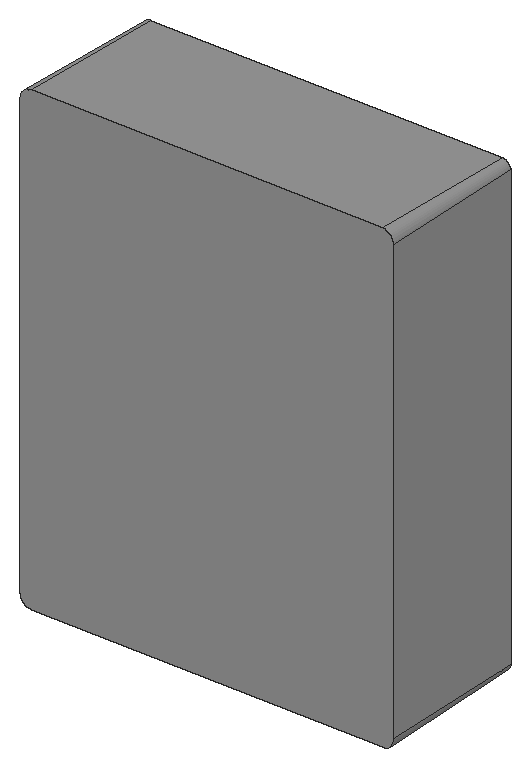
Revit family "L&L_LUCE&LIGHT_PASITO_MINI_1.2", category Lighting Fixtures, host Wall, Revit 2018 (continued)
Types (2, lengths in cm): name | Photometric Web File | built-in parameter 1150142
    00 0.00 0.00 \r\n0.00 0.00 0.00 0.00 0.00 0.00 0.00 0.00 0.00 0.00 0.00 \r\n0.00 0.00 0.00 0.00 0.00 0.00 0.00 0.00 0.00 0.00 0.00 \r\n0.00 0.00 0.00 0.00 0.00 0.00 0.00 0.00 0.00 0.00 0.00 \r\n0.00 0.00 0.00 0.00 0.00 0.00 0.00 0.00 0.00 0.00 0.00 \r\n0.00 0.00 0.00 0.00 0.00 0.00 0.00 0.00 0.00 0.00 0.00 \r\n0.00 0.00 0.00 0.00 0.02 \r\n0.01 0.00 0.00 0.00 0.00 0.00 0.00 0.00 0.00 0.00 0.00 \r\n0.00 0.00 0.00 0.00 0.00 0.00 0.00 0.00 0.00 0.00 0.00 \r\n0.00 0.00 0.00 0.00 0.00 0.00 0.00 0.00 0.00 0.00 0.00 \r\n0.00 0.00 0.00 0.00 0.00 0.00 0.00 0.00 0.00 0.00 0.00 \r\n0.00 0.00 0.00 0.00 0.00 0.00 0.00 0.00 0.00 0.00 0.00 \r\n0.00 0.00 0.00 0.00 0.00 0.00 0.00 0.00 0.00 0.00 0.00 \r\n0.00 0.00 0.00 0.00 0.00 0.00 0.00 0.00 0.00 0.00 0.00 \r\n0.00 0.00 0.00 0.00 0.00 0.00 0.00 0.00 0.00 0.00 0.00 \r\n0.00 0.00 0.00 0.00 0.00 0.00 0.00 0.00 0.00 0.00 0.00 \r\n0.00 0.00 0.00 0.00 0.00 0.00 0.00 0.00 0.00 0.00 0.00 \r\n0.00 0.00 0.00 0.00 0.00 0.00 0.00 0.00 0.00 0.00 0.00 \r\n0.00 0.00 0.00 0.00 0.00 0.00 0.00 0.00 0.00 0.00 0.00 \r\n0.00 0.00 0.00 0.00 0.00 0.00 0.00 0.00 0.00 0.00 0.00 \r\n0.00 0.00 0.00 0.00 0.00 0.00 0.00 0.00 0.00 0.00 0.00 \r\n0.00 0.00 0.00 0.00 0.00 0.00 0.00 0.00 0.00 0.00 0.00 \r\n0.00 0.00 0.00 0.00 0.00 0.00 0.00 0.00 0.00 0.00 0.00 \r\n0.00 0.00 0.00 0.00 0.02 \r\n0.01 0.00 0.00 0.00 0.00 0.00 0.00 0.00 0.00 0.00 0.00 \r\n0.00 0.00 0.00 0.00 0.00 0.00 0.00 0.00 0.00 0.00 0.00 \r\n0.00 0.00 0.00 0.00 0.00 0.00 0.00 0.00 0.00 0.00 0.00 \r\n0.00 0.00 0.00 0.00 0.00 0.00 0.00 0.00 0.00 0.00 0.00 \r\n0.00 0.00 0.00 0.00 0.00 0.00 0.00 0.00 0.00 0.00 0.00 \r\n0.00 0.00 0.00 0.00 0.00 0.00 0.00 0.00 0.00 0.00 0.00 \r\n0.00 0.00 0.00 0.00 0.00 0.00 0.00 0.00 0.00 0.00 0.00 \r\n0.00 0.00 0.00 0.00 0.00 0.00 0.00 0.00 0.00 0.00 0.00 \r\n0.00 0.00 0.00 0.00 0.00 0.00 0.00 0.00 0.00 0.00 0.00 \r\n0.00 0.00 0.00 0.00 0.00 0.00 0.00 0.00 0.00 0.00 0.00 \r\n0.00 0.00 0.00 0.00 0.00 0.00 0.00 0.00 0.00 0.00 0.00 \r\n0.00 0.00 0.00 0.00 0.00 0.00 0.00 0.00 0.00 0.00 0.00 \r\n0.00 0.00 0.00 0.00 0.00 0.00 0.00 0.00 0.00 0.00 0.00 \r\n0.00 0.00 0.00 0.00 0.00 0.00 0.00 0.00 0.00 0.00 0.00 \r\n0.00 0.00 0.00 0.00 0.00 0.00 0.00 0.00 0.00 0.00 0.00 \r\n0.00 0.00 0.00 0.00 0.00 0.00 0.00 0.00 0.00 0.00 0.00 \r\n0.00 0.00 0.00 0.00 0.02 \r\n0.01 0.00 0.00 0.00 0.00 0.00 0.00 0.00 0.00 0.00 0.00 \r\n0.00 0.00 0.00 0.00 0.00 0.00 0.00 0.00 0.00 0.00 0.00 \r\n0.00 0.00 0.00 0.00 0.00 0.00 0.00 0.00 0.00 0.00 0.00 \r\n0.00 0.00 0.00 0.00 0.00 0.00 0.00 0.00 0.00 0.00 0.00 \r\n0.00 0.00 0.00 0.00 0.00 0.00 0.00 0.00 0.00 0.00 0.00 \r\n0.00 0.00 0.00 0.00 0.00 0.00 0.00 0.00 0.00 0.00 0.00 \r\n0.00 0.00 0.00 0.00 0.00 0.00 0.00 0.00 0.00 0.00 0.00 \r\n0.00 0.00 0.00 0.00 0.00 0.00 0.00 0.00 0.00 0.00 0.00 \r\n0.00 0.00 0.00 0.00 0.00 0.00 0.00 0.00 0.00 0.00 0.00 \r\n0.00 0.00 0.00 0.00 0.00 0.00 0.00 0.00 0.00 0.00 0.00 \r\n0.00 0.00 0.00 0.00 0.00 0.00 0.00 0.00 0.00 0.00 0.00 \r\n0.00 0.00 0.00 0.00 0.00 0.00 0.00 0.00 0.00 0.00 0.00 \r\n0.00 0.00 0.00 0.00 0.00 0.00 0.00 0.00 0.00 0.00 0.00 \r\n0.00 0.00 0.00 0.00 0.00 0.00 0.00 0.00 0.00 0.00 0.00 \r\n0.00 0.00 0.00 0.00 0.00 0.00 0.00 0.00 0.00 0.00 0.00 \r\n0.00 0.00 0.00 0.00 0.00 0.00 0.00 0.00 0.00 0.00 0.00 \r\n0.00 0.00 0.00 0.00 0.02 \r\n0.01 0.00 0.00 0.00 0.00 0.00 0.00 0.00 0.00 0.00 0.00 \r\n0.00 0.00 0.00 0.00 0.00 0.00 0.00 0.00 0.00 0.00 0.00 \r\n0.00 0.00 0.00 0.00 0.00 0.00 0.00 0.00 0.00 0.00 0.00 \r\n0.00 0.00 0.00 0.00 0.00 0.00 0.00 0.00 0.00 0.00 0.00 \r\n0.00 0.00 0.00 0.00 0.00 0.00 0.00 0.00 0.00 0.00 0.00 \r\n0.00 0.00 0.00 0.00 0.00 0.00 0.00 0.00 0.00 0.00 0.00 \r\n0.00 0.00 0.00 0.00 0.00 0.00 0.00 0.00 0.00 0.00 0.00 \r\n0.00 0.00 0.00 0.00 0.00 0.00 0.00 0.00 0.00 0.00 0.00 \r\n0.00 0.00 0.00 0.00 0.00 0.00 0.00 0.00 0.00 0.00 0.00 \r\n0.00 0.00 0.00 0.00 0.00 0.00 0.00 0.00 0.00 0.00 0.00 \r\n0.00 0.00 0.00 0.00 0.00 0.00 0.00 0.00 0.00 0.00 0.00 \r\n0.00 0.00 0.00 0.00 0.00 0.00 0.00 0.00 0.00 0.00 0.00 \r\n0.00 0.00 0.00 0.00 0.00 0.00 0.00 0.00 0.00 0.00 0.00 \r\n0.00 0.00 0.00 0.00 0.00 0.00 0.00 0.00 0.00 0.00 0.00 \r\n0.00 0.00 0.00 0.00 0.00 0.00 0.00 0.00 0.00 0.00 0.00 \r\n0.00 0.00 0.00 0.00 0.00 0.00 0.00 0.00 0.00 0.00 0.00 \r\n0.00 0.00 0.00 0.00 0.02 \r\n0.01 0.00 0.00 0.00 0.00 0.00 0.00 0.00 0.00 0.00 0.00 \r\n0.00 0.00 0.00 0.00 0.00 0.00 0.00 0.00 0.00 0.00 0.00 \r\n0.00 0.00 0.00 0.00 0.00 0.00 0.00 0.00 0.00 0.00 0.00 \r\n0.00 0.00 0.00 0.00 0.00 0.00 0.00 0.00 0.00 0.00 0.00 \r\n0.00 0.00 0.00 0.00 0.00 0.00 0.00 0.00 0.00 0.00 0.00 \r\n0.00 0.00 0.00 0.00 0.00 0.00 0.00 0.00 0.00 0.00 0.00 \r\n0.00 0.00 0.00 0.00 0.00 0.00 0.00 0.00 0.00 0.00 0.00 \r\n0.00 0.00 0.00 0.00 0.00 0.00 0.00 0.00 0.00 0.00 0.00 \r\n0.00 0.00 0.00 0.00 0.00 0.00 0.00 0.00 0.00 0.00 0.00 \r\n0.00 0.00 0.00 0.00 0.00 0.00 0.00 0.00 0.00 0.00 0.00 \r\n0.00 0.00 0.00 0.00 0.00 0.00 0.00 0.00 0.00 0.00 0.00 \r\n0.00 0.00 0.00 0.00 0.00 0.00 0.00 0.00 0.00 0.00 0.00 \r\n0.00 0.00 0.00 0.00 0.00 0.00 0.00 0.00 0.00 0.00 0.00 \r\n0.00 0.00 0.00 0.00 0.00 0.00 0.00 0.00 0.00 0.00 0.00 \r\n0.00 0.00 0.00 0.00 0.00 0.00 0.00 0.00 0.00 0.00 0.00 \r\n0.00 0.00 0.00 0.00 0.00 0.00 0.00 0.00 0.00 0.00 0.00 \r\n0.00 0.00 0.00 0.00 0.02 \r\n0.01 0.00 0.00 0.00 0.00 0.00 0.00 0.00 0.00 0.00 0.00 \r\n0.00 0.00 0.00 0.00 0.00 0.00 0.00 0.00 0.00 0.00 0.00 \r\n0.00 0.00 0.00 0.00 0.00 0.00 0.00 0.00 0.00 0.00 0.00 \r\n0.00 0.00 0.00 0.00 0.00 0.00 0.00 0.00 0.00 0.00 0.00 \r\n0.00 0.00 0.00 0.00 0.00 0.00 0.00 0.00 0.00 0.00 0.00 \r\n0.00 0.00 0.00 0.00 0.00 0.00 0.00 0.00 0.00 0.00 0.00 \r\n0.00 0.00 0.00 0.00 0.00 0.00 0.00 0.00 0.00 0.00 0.00 \r\n0.00 0.00 0.00 0.00 0.00 0.00 0.00 0.00 0.00 0.00 0.00 \r\n0.00 0.00 0.00 0.00 0.00 0.00 0.00 0.00 0.00 0.00 0.00 \r\n0.00 0.00 0.00 0.00 0.00 0.00 0.00 0.00 0.00 0.00 0.00 \r\n0.00 0.00 0.00 0.00 0.00 0.00 0.00 0.00 0.00 0.00 0.00 \r\n0.00 0.00 0.00 0.00 0.00 0.00 0.00 0.00 0.00 0.00 0.00 \r\n0.00 0.00 0.00 0.00 0.00 0.00 0.00 0.00 0.00 0.00 0.00 \r\n0.00 0.00 0.00 0.00 0.00 0.00 0.00 0.00 0.00 0.00 0.00 \r\n0.00 0.00 0.00 0.00 0.00 0.00 0.00 0.00 0.00 0.00 0.00 \r\n0.00 0.00 0.00 0.00 0.00 0.00 0.00 0.00 0.00 0.00 0.00 \r\n0.00 0.00 0.00 0.00 0.02 \r\n0.01 0.00 0.00 0.00 0.00 0.00 0.00 0.00 0.00 0.00 0.00 \r\n0.00 0.00 0.00 0.00 0.00 0.00 0.00 0.00 0.00 0.00 0.00 \r\n0.00 0.00 0.00 0.00 0.00 0.00 0.00 0.00 0.00 0.00 0.00 \r\n0.00 0.00 0.00 0.00 0.00 0.00 0.00 0.00 0.00 0.00 0.00 \r\n0.00 0.00 0.00 0.00 0.00 0.00 0.00 0.00 0.00 0.00 0.00 \r\n0.00 0.00 0.00 0.00 0.00 0.00 0.00 0.00 0.00 0.00 0.00 \r\n0.00 0.00 0.00 0.00 0.00 0.00 0.00 0.00 0.00 0.00 0.00 \r\n0.00 0.00 0.00 0.00 0.00 0.00 0.00 0.00 0.00 0.00 0.00 \r\n0.00 0.00 0.00 0.00 0.00 0.00 0.00 0.00 0.00 0.00 0.00 \r\n0.00 0.00 0.00 0.00 0.00 0.00 0.00 0.00 0.00 0.00 0.00 \r\n0.00 0.00 0.00 0.00 0.00 0.00 0.00 0.00 0.00 0.00 0.00 \r\n0.00 0.00 0.00 0.00 0.00 0.00 0.00 0.00 0.00 0.00 0.00 \r\n0.00 0.00 0.00 0.00 0.00 0.00 0.00 0.00 0.00 0.00 0.00 \r\n0.00 0.00 0.00 0.00 0.00 0.00 0.00 0.00 0.00 0.00 0.00 \r\n0.00 0.00 0.00 0.00 0.00 0.00 0.00 0.00 0.00 0.00 0.00 \r\n0.00 0.00 0.00 0.00 0.00 0.00 0.00 0.00 0.00 0.00 0.00 \r\n0.00 0.00 0.00 0.00 0.02 \r\n0.01 0.00 0.00 0.00 0.00 0.00 0.00 0.00 0.00 0.00 0.00 \r\n0.00 0.00 0.00 0.00 0.00 0.00 0.00 0.00 0.00 0.00 0.00 \r\n0.00 0.00 0.00 0.00 0.00 0.00 0.00 0.00 0.00 0.00 0.00 \r\n0.00 0.00 0.00 0.00 0.00 0.00 0.00 0.00 0.00 0.00 0.00 \r\n0.00 0.00 0.00 0.00 0.00 0.00 0.00 0.00 0.00 0.00 0.00 \r\n0.00 0.00 0.00 0.00 0.00 0.00 0.00 0.00 0.00 0.00 0.00 \r\n0.00 0.00 0.00 0.00 0.00 0.00 0.00 0.00 0.00 0.00 0.00 \r\n0.00 0.00 0.00 0.00 0.00 0.00 0.00 0.00 0.00 0.00 0.00 \r\n0.00 0.00 0.00 0.00 0.00 0.00 0.00 0.00 0.00 0.00 0.00 \r\n0.00 0.00 0.00 0.00 0.00 0.00 0.00 0.00 0.00 0.00 0.00 \r\n0.00 0.00 0.00 0.00 0.00 0.00 0.00 0.00 0.00 0.00 0.00 \r\n0.00 0.00 0.00 0.00 0.00 0.00 0.00 0.00 0.00 0.00 0.00 \r\n0.00 0.00 0.00 0.00 0.00 0.00 0.00 0.00 0.00 0.00 0.00 \r\n0.00 0.00 0.00 0.00 0.00 0.00 0.00 0.00 0.00 0.00 0.00 \r\n0.00 0.00 0.00 0.00 0.00 0.00 0.00 0.00 0.00 0.00 0.00 \r\n0.00 0.00 0.00 0.00 0.00 0.00 0.00 0.00 0.00 0.00 0.00 \r\n0.00 0.00 0.00 0.00 0.02 \r\n0.01 0.00 0.00 0.00 0.00 0.00 0.00 0.00 0.00 0.00 0.00 \r\n0.00 0.00 0.00 0.00 0.00 0.00 0.00 0.00 0.00 0.00 0.00 \r\n0.00 0.00 0.00 0.00 0.00 0.00 0.00 0.00 0.00 0.00 0.00 \r\n0.00 0.00 0.00 0.00 0.00 0.00 0.00 0.00 0.00 0.00 0.00 \r\n0.00 0.00 0.00 0.00 0.00 0.00 0.00 0.00 0.00 0.00 0.00 \r\n0.00 0.00 0.00 0.00 0.00 0.00 0.00 0.00 0.00 0.00 0.00 \r\n0.00 0.00 0.00 0.00 0.00 0.00 0.00 0.00 0.00 0.00 0.00 \r\n0.00 0.00 0.00 0.00 0.00 0.00 0.00 0.00 0.00 0.00 0.00 \r\n0.00 0.00 0.00 0.00 0.00 0.00 0.00 0.00 0.00 0.00 0.00 \r\n0.00 0.00 0.00 0.00 0.00 0.00 0.00 0.00 0.00 0.00 0.00 \r\n0.00 0.00 0.00 0.00 0.00 0.00 0.00 0.00 0.00 0.00 0.00 \r\n0.00 0.00 0.00 0.00 0.00 0.00 0.00 0.00 0.00 0.00 0.00 \r\n0.00 0.00 0.00 0.00 0.00 0.00 0.00 0.00 0.00 0.00 0.00 \r\n0.00 0.00 0.00 0.00 0.00 0.00 0.00 0.00 0.00 0.00 0.00 \r\n0.00 0.00 0.00 0.00 0.00 0.00 0.00 0.00 0.00 0.00 0.00 \r\n0.00 0.00 0.00 0.00 0.00 0.00 0.00 0.00 0.00 0.00 0.00 \r\n0.00 0.00 0.00 0.00 0.02 \r\n0.01 0.00 0.00 0.00 0.00 0.00 0.00 0.00 0.00 0.00 0.00 \r\n0.00 0.00 0.00 0.00 0.00 0.00 0.00 0.00 0.00 0.00 0.00 \r\n0.00 0.00 0.00 0.00 0.00 0.00 0.00 0.00 0.00 0.00 0.00 \r\n0.00 0.00 0.00 0.00 0.00 0.00 0.00 0.00 0.00 0.00 0.00 \r\n0.00 0.00 0.00 0.00 0.00 0.00 0.00 0.00 0.00 0.00 0.00 \r\n0.00 0.00 0.00 0.00 0.00 0.00 0.00 0.00 0.00 0.00 0.00 \r\n0.00 0.00 0.00 0.00 0.00 0.00 0.00 0.00 0.00 0.00 0.00 \r\n0.00 0.00 0.00 0.00 0.00 0.00 0.00 0.00 0.00 0.00 0.00 \r\n0.00 0.00 0.00 0.00 0.00 0.00 0.00 0.00 0.00 0.00 0.00 \r\n0.00 0.00 0.00 0.00 0.00 0.00 0.00 0.00 0.00 0.00 0.00 \r\n0.00 0.00 0.00 0.00 0.00 0.00 0.00 0.00 0.00 0.00 0.00 \r\n0.00 0.00 0.00 0.00 0.00 0.00 0.00 0.00 0.00 0.00 0.00 \r\n0.00 0.00 0.00 0.00 0.00 0.00 0.00 0.00 0.00 0.00 0.00 \r\n0.00 0.00 0.00 0.00 0.00 0.00 0.00 0.00 0.00 0.00 0.00 \r\n0.00 0.00 0.00 0.00 0.00 0.00 0.00 0.00 0.00 0.00 0.00 \r\n0.00 0.00 0.00 0.00 0.00 0.00 0.00 0.00 0.00 0.00 0.00 \r\n0.00 0.00 0.00 0.00 0.02 \r\n0.01 0.00 0.00 0.00 0.00 0.00 0.00 0.00 0.00 0.00 0.00 \r\n0.00 0.00 0.00 0.00 0.00 0.00 0.00 0.00 0.00 0.00 0.00 \r\n0.00 0.00 0.00 0.00 0.00 0.00 0.00 0.00 0.00 0.00 0.00 \r\n0.00 0.00 0.00 0.00 0.00 0.00 0.00 0.00 0.00 0.00 0.00 \r\n0.00 0.00 0.00 0.00 0.00 0.00 0.00 0.00 0.00 0.00 0.00 \r\n0.00 0.00 0.00 0.00 0.00 0.00 0.00 0.00 0.00 0.00 0.00 \r\n0.00 0.00 0.00 0.00 0.00 0.00 0.00 0.00 0.00 0.00 0.00 \r\n0.00 0.00 0.00 0.00 0.00 0.00 0.00 0.00 0.00 0.00 0.00 \r\n0.00 0.00 0.00 0.00 0.00 0.00 0.00 0.00 0.00 0.00 0.00 \r\n0.00 0.00 0.00 0.00 0.00 0.00 0.00 0.00 0.00 0.00 0.00 \r\n0.00 0.00 0.00 0.00 0.00 0.00 0.00 0.00 0.00 0.00 0.00 \r\n0.00 0.00 0.00 0.00 0.00 0.00 0.00 0.00 0.00 0.00 0.00 \r\n0.00 0.00 0.00 0.00 0.00 0.00 0.00 0.00 0.00 0.00 0.00 \r\n0.00 0.00 0.00 0.00 0.00 0.00 0.00 0.00 0.00 0.00 0.00 \r\n0.00 0.00 0.00 0.00 0.00 0.00 0.00 0.00 0.00 0.00 0.00 \r\n0.00 0.00 0.00 0.00 0.00 0.00 0.00 0.00 0.00 0.00 0.00 \r\n0.00 0.00 0.00 0.00 0.02 \r\n0.01 0.01 0.00 0.00 0.00 0.00 0.00 0.00 0.00 0.00 0.00 \r\n0.00 0.00 0.00 0.00 0.00 0.00 0.00 0.00 0.00 0.00 0.00 \r\n0.00 0.00 0.00 0.00 0.00 0.00 0.00 0.00 0.00 0.00 0.00 \r\n0.00 0.00 0.00 0.00 0.00 0.00 0.00 0.00 0.00 0.00 0.00 \r\n0.00 0.00 0.00 0.00 0.00 0.00 0.00 0.00 0.00 0.00 0.00 \r\n0.00 0.00 0.00 0.00 0.00 0.00 0.00 0.00 0.00 0.00 0.00 \r\n0.00 0.00 0.00 0.00 0.00 0.00 0.00 0.00 0.00 0.00 0.00 \r\n0.00 0.00 0.00 0.00 0.00 0.00 0.00 0.00 0.00 0.00 0.00 \r\n0.00 0.00 0.00 0.00 0.00 0.00 0.00 0.00 0.00 0.00 0.00 \r\n0.00 0.00 0.00 0.00 0.00 0.00 0.00 0.00 0.00 0.00 0.00 \r\n0.00 0.00 0.00 0.00 0.00 0.00 0.00 0.00 0.00 0.00 0.00 \r\n0.00 0.00 0.00 0.00 0.00 0.00 0.00 0.00 0.00 0.00 0.00 \r\n0.00 0.00 0.00 0.00 0.00 0.00 0.00 0.00 0.00 0.00 0.00 \r\n0.00 0.00 0.00 0.00 0.00 0.00 0.00 0.00 0.00 0.00 0.00 \r\n0.00 0.00 0.00 0.00 0.00 0.00 0.00 0.00 0.00 0.00 0.00 \r\n0.00 0.00 0.00 0.00 0.00 0.00 0.00 0.00 0.00 0.00 0.00 \r\n0.00 0.00 0.00 0.00 0.02 \r\n0.01 0.01 0.00 0.00 0.00 0.00 0.00 0.00 0.00 0.00 0.00 \r\n0.00 0.00 0.00 0.00 0.00 0.00 0.00 0.00 0.00 0.00 0.00 \r\n0.00 0.00 0.00 0.00 0.00 0.00 0.00 0.00 0.00 0.00 0.00 \r\n0.00 0.00 0.00 0.00 0.00 0.00 0.00 0.00 0.00 0.00 0.00 \r\n0.00 0.00 0.00 0.00 0.00 0.00 0.00 0.00 0.00 0.00 0.00 \r\n0.00 0.00 0.00 0.00 0.00 0.00 0.00 0.00 0.00 0.00 0.00 \r\n0.00 0.00 0.00 0.00 0.00 0.00 0.00 0.00 0.00 0.00 0.00 \r\n0.00 0.00 0.00 0.00 0.00 0.00 0.00 0.00 0.00 0.00 0.00 \r\n0.00 0.00 0.00 0.00 0.00 0.00 0.00 0.00 0.00 0.00 0.00 \r\n0.00 0.00 0.00 0.00 0.00 0.00 0.00 0.00 0.00 0.00 0.00 \r\n0.00 0.00 0.00 0.00 0.00 0.00 0.00 0.00 0.00 0.00 0.00 \r\n0.00 0.00 0.00 0.00 0.00 0.00 0.00 0.00 0.00 0.00 0.00 \r\n0.00 0.00 0.00 0.00 0.00 0.00 0.00 0.00 0.00 0.00 0.00 \r\n0.00 0.00 0.00 0.00 0.00 0.00 0.00 0.00 0.00 0.00 0.00 \r\n0.00 0.00 0.00 0.00 0.00 0.00 0.00 0.00 0.00 0.00 0.00 \r\n0.00 0.00 0.00 0.00 0.00 0.00 0.00 0.00 0.00 0.00 0.00 \r\n0.00 0.00 0.00 0.00 0.02 \r\n0.01 0.01 0.00 0.00 0.00 0.00 0.00 0.00 0.00 0.00 0.00 \r\n0.00 0.00 0.00 0.00 0.00 0.00 0.00 0.00 0.00 0.00 0.00 \r\n0.00 0.00 0.00 0.00 0.00 0.00 0.00 0.00 0.00 0.00 0.00 \r\n0.00 0.00 0.00 0.00 0.00 0.00 0.00 0.00 0.00 0.00 0.00 \r\n0.00 0.00 0.00 0.00 0.00 0.00 0.00 0.00 0.00 0.00 0.00 \r\n0.00 0.00 0.00 0.00 0.00 0.00 0.00 0.00 0.00 0.00 0.00 \r\n0.00 0.00 0.00 0.00 0.00 0.00 0.00 0.00 0.00 0.00 0.00 \r\n0.00 0.00 0.00 0.00 0.00 0.00 0.00 0.00 0.00 0.00 0.00 \r\n0.00 0.00 0.00 0.00 0.00 0.00 0.00 0.00 0.00 0.00 0.00 \r\n0.00 0.00 0.00 0.00 0.00 0.00 0.00 0.00 0.00 0.00 0.00 \r\n0.00 0.00 0.00 0.00 0.00 0.00 0.00 0.00 0.00 0.00 0.00 \r\n0.00 0.00 0.00 0.00 0.00 0.00 0.00 0.00 0.00 0.00 0.00 \r\n0.00 0.00 0.00 0.00 0.00 0.00 0.00 0.00 0.00 0.00 0.00 \r\n0.00 0.00 0.00 0.00 0.00 0.00 0.00 0.00 0.00 0.00 0.00 \r\n0.00 0.00 0.00 0.00 0.00 0.00 0.00 0.00 0.00 0.00 0.00 \r\n0.00 0.00 0.00 0.00 0.00 0.00 0.00 0.00 0.00 0.00 0.00 \r\n0.00 0.00 0.00 0.01 0.02 \r\n0.01 0.01 0.00 0.00 0.00 0.00 0.00 0.00 0.00 0.00 0.00 \r\n0.00 0.00 0.00 0.00 0.00 0.00 0.00 0.00 0.00 0.00 0.00 \r\n0.00 0.00 0.00 0.00 0.00 0.00 0.00 0.00 0.00 0.00 0.00 \r\n0.00 0.00 0.00 0.00 0.00 0.00 0.00 0.00 0.00 0.00 0.00 \r\n0.00 0.00 0.00 0.00 0.00 0.00 0.00 0.00 0.00 0.00 0.00 \r\n0.00 0.00 0.00 0.00 0.00 0.00 0.00 0.00 0.00 0.00 0.00 \r\n0.00 0.00 0.00 0.00 0.00 0.00 0.00 0.00 0.00 0.00 0.00 \r\n0.00 0.00 0.00 0.00 0.00 0.00 0.00 0.00 0.00 0.00 0.00 \r\n0.00 0.00 0.00 0.00 0.00 0.00 0.00 0.00 0.00 0.00 0.00 \r\n0.00 0.00 0.00 0.00 0.00 0.00 0.00 0.00 0.00 0.00 0.00 \r\n0.00 0.00 0.00 0.00 0.00 0.00 0.00 0.00 0.00 0.00 0.00 \r\n0.00 0.00 0.00 0.00 0.00 0.00 0.00 0.00 0.00 0.00 0.00 \r\n0.00 0.00 0.00 0.00 0.00 0.00 0.00 0.00 0.00 0.00 0.00 \r\n0.00 0.00 0.00 0.00 0.00 0.00 0.00 0.00 0.00 0.00 0.00 \r\n0.00 0.00 0.00 0.00 0.00 0.00 0.00 0.00 0.00 0.00 0.00 \r\n0.00 0.00 0.00 0.00 0.00 0.00 0.00 0.00 0.00 0.00 0.00 \r\n0.00 0.00 0.00 0.01 0.02 \r\n0.01 0.01 0.00 0.00 0.00 0.00 0.00 0.00 0.00 0.00 0.00 \r\n0.00 0.00 0.00 0.00 0.00 0.00 0.00 0.00 0.00 0.00 0.00 \r\n0.00 0.00 0.00 0.00 0.00 0.00 0.00 0.00 0.00 0.00 0.00 \r\n0.00 0.00 0.00 0.00 0.00 0.00 0.00 0.00 0.00 0.00 0.00 \r\n0.00 0.00 0.00 0.00 0.00 0.00 0.00 0.00 0.00 0.00 0.00 \r\n0.00 0.00 0.00 0.00 0.00 0.00 0.00 0.00 0.00 0.00 0.00 \r\n0.00 0.00 0.00 0.00 0.00 0.00 0.00 0.00 0.00 0.00 0.00 \r\n0.00 0.00 0.00 0.00 0.00 0.00 0.00 0.00 0.00 0.00 0.00 \r\n0.00 0.00 0.00 0.00 0.00 0.00 0.00 0.00 0.00 0.00 0.00 \r\n0.00 0.00 0.00 0.00 0.00 0.00 0.00 0.00 0.00 0.00 0.00 \r\n0.00 0.00 0.00 0.00 0.00 0.00 0.00 0.00 0.00 0.00 0.00 \r\n0.00 0.00 0.00 0.00 0.00 0.00 0.00 0.00 0.00 0.00 0.00 \r\n0.00 0.00 0.00 0.00 0.00 0.00 0.00 0.00 0.00 0.00 0.00 \r\n0.00 0.00 0.00 0.00 0.00 0.00 0.00 0.00 0.00 0.00 0.00 \r\n0.00 0.00 0.00 0.00 0.00 0.00 0.00 0.00 0.00 0.00 0.00 \r\n0.00 0.00 0.00 0.00 0.00 0.00 0.00 0.00 0.00 0.00 0.00 \r\n0.00 0.00 0.00 0.01 0.02 \r\n0.01 0.01 0.00 0.00 0.00 0.00 0.00 0.00 0.00 0.00 0.00 \r\n0.00 0.00 0.00 0.00 0.00 0.00 0.00 0.00 0.00 0.00 0.00 \r\n0.00 0.00 0.00 0.00 0.00 0.00 0.00 0.00 0.00 0.00 0.00 \r\n0.00 0.00 0.00 0.00 0.00 0.00 0.00 0.00 0.00 0.00 0.00 \r\n0.00 0.00 0.00 0.00 0.00 0.00 0.00 0.00 0.00 0.00 0.00 \r\n0.00 0.00 0.00 0.00 0.00 0.00 0.00 0.00 0.00 0.00 0.00 \r\n0.00 0.00 0.00 0.00 0.00 0.00 0.00 0.00 0.00 0.00 0.00 \r\n0.00 0.00 0.00 0.00 0.00 0.00 0.00 0.00 0.00 0.00 0.00 \r\n0.00 0.00 0.00 0.00 0.00 0.00 0.00 0.00 0.00 0.00 0.00 \r\n0.00 0.00 0.00 0.00 0.00 0.00 0.00 0.00 0.00 0.00 0.00 \r\n0.00 0.00 0.00 0.00 0.00 0.00 0.00 0.00 0.00 0.00 0.00 \r\n0.00 0.00 0.00 0.00 0.
